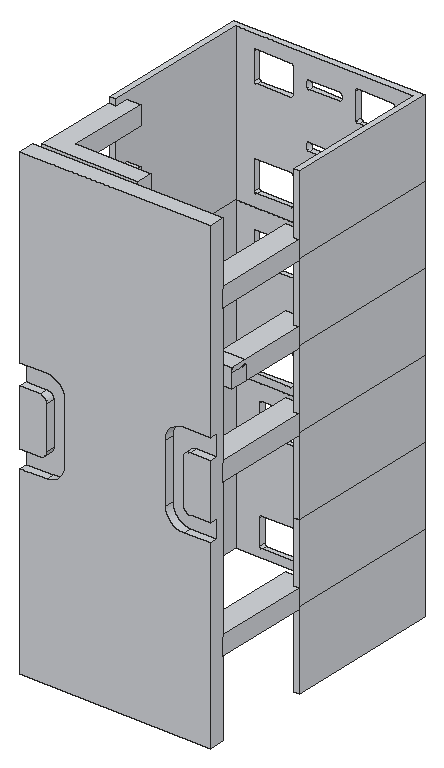
Revit family
Parameters
  Material ID = "760060285"
  Description = "VisiPatch® 360 12U Vertical Trough Cable Management Kit e/w door, 10 In."
Reference planes (in)
  plane 1 "Center (Front/Back)": y = 0
  plane 2: z = 0
  plane 3 "Center (Left/Right)": x = 0
Forms (in)
  Extrusion 1, void, not visible
    sketch origin (0, 0, 0) x (1, 0, 0) y (0, 0, 1)
      loop
        line (-7.85662, 0.48089) -> (-7.85662, -0.39002) -> (-7.67285, -0.39002) -> (-7.67285, -0.64002) -> (-7.0736, -0.64002) -> (-7.0736, -0.39002) -> (-6.92978, -0.39002) -> (-6.92978, 0.48089) -> (-7.85662, 0.48089)
    from -3.79215 to 12
  Extrusion 2, void, not visible
    sketch origin (0, 0, 0) x (1, 0, 0) y (0, 0, 1)
      loop
        line (-8.21397, 0.42583) -> (-8.21397, -0.07417) -> (-8.08657, -0.07417) -> (-8.08657, -0.27417) -> (-7.83657, -0.27417) -> (-7.83657, -0.07417) -> (-7.72497, -0.07417) -> (-7.72497, 0.42583) -> (-8.21397, 0.42583)
    from 0.74059 to 3.34334
  Extrusion 3, solid
    sketch origin (0, 0, 0) x (1, 0, 0) y (0, 0, 1)
      loop
        line (-4.265, 0) -> (-4.265, -3.5) -> (4.265, -3.5) -> (4.265, 0) -> (4.265, 3.5) -> (-4.265, 3.5) -> (-4.265, 0)
    from 0 to 7
  Extrusion 4, void
    sketch origin (0, 0, 0) x (1, 0, 0) y (0, 1, 0)
      loop
        line (4.015, -6.75) -> (4.015, -0.25) -> (-3.985, -0.25) -> (-3.985, -6.75) -> (4.015, -6.75)
    from -9.31168 to 12
  Extrusion 5, void
    sketch origin (0, 0, 0) x (1, 0, 0) y (0, 0, 1)
      loop
        line (3.0521, 2.81448) -> (1.50821, 2.81448)
        arc (1.50821, 2.81448) -> (1.4375, 2.78519) -> (1.40821, 2.71448) r 0.1
        line (1.40821, 2.71448) -> (1.40821, 1.56152)
        arc (1.40821, 1.56152) -> (1.4375, 1.49081) -> (1.50821, 1.46152) r 0.1
        line (1.50821, 1.46152) -> (3.05821, 1.46152)
        arc (3.05821, 1.46152) -> (3.12892, 1.49081) -> (3.15821, 1.56152) r 0.1
        line (3.15821, 1.56152) -> (3.15821, 2.70838)
        arc (3.15821, 2.70838) -> (3.12713, 2.7834) -> (3.0521, 2.81448) r 0.1061
      loop
        arc (-2.80821, 2.81448) -> (-2.87892, 2.78519) -> (-2.90821, 2.71448) r 0.1
        line (-2.90821, 2.71448) -> (-2.90821, 1.56152)
        arc (-2.90821, 1.56152) -> (-2.87892, 1.49081) -> (-2.80821, 1.46152) r 0.1
        line (-2.80821, 1.46152) -> (-1.25821, 1.46152)
        arc (-1.25821, 1.46152) -> (-1.1875, 1.49081) -> (-1.15821, 1.56152) r 0.1
        line (-1.15821, 1.56152) -> (-1.15821, 2.71448)
        arc (-1.15821, 2.71448) -> (-1.1875, 2.78519) -> (-1.25821, 2.81448) r 0.1
        line (-1.25821, 2.81448) -> (-2.80821, 2.81448)
      loop
        line (0.71044, -2.03848) -> (-0.53956, -2.03848)
        spline (-0.53956, -2.03848) -> (-0.56627, -2.047) -> (-0.59116, -2.07197) -> (-0.61253, -2.1117) -> (-0.62893, -2.16348) -> (-0.63924, -2.22377) -> (-0.64276, -2.28848) -> (-0.63924, -2.35318) -> (-0.62893, -2.41348) -> (-0.61253, -2.46525) -> (-0.59116, -2.50498) -> (-0.56627, -2.52996) -> (-0.53956, -2.53848)
        line (-0.53956, -2.53848) -> (0.71044, -2.53848)
        spline (0.71044, -2.53848) -> (0.73985, -2.52996) -> (0.76726, -2.50498) -> (0.7908, -2.46525) -> (0.80887, -2.41348) -> (0.82022, -2.35318) -> (0.82409, -2.28848) -> (0.82022, -2.22377) -> (0.80887, -2.16348) -> (0.7908, -2.1117) -> (0.76726, -2.07197) -> (0.73985, -2.047) -> (0.71044, -2.03848)
      loop
        line (3.0521, -1.78848) -> (1.50821, -1.78848)
        arc (1.50821, -1.78848) -> (1.4375, -1.81777) -> (1.40821, -1.88848) r 0.1
        line (1.40821, -1.88848) -> (1.40821, -3.04144)
        arc (1.40821, -3.04144) -> (1.4375, -3.11215) -> (1.50821, -3.14144) r 0.1
        line (1.50821, -3.14144) -> (3.05821, -3.14144)
        arc (3.05821, -3.14144) -> (3.12892, -3.11215) -> (3.15821, -3.04144) r 0.1
        line (3.15821, -3.04144) -> (3.15821, -1.89458)
        arc (3.15821, -1.89458) -> (3.12713, -1.81955) -> (3.0521, -1.78848) r 0.1061
      loop
        arc (-2.80821, -1.78848) -> (-2.87892, -1.81777) -> (-2.90821, -1.88848) r 0.1
        line (-2.90821, -1.88848) -> (-2.90821, -3.04144)
        arc (-2.90821, -3.04144) -> (-2.87892, -3.11215) -> (-2.80821, -3.14144) r 0.1
        line (-2.80821, -3.14144) -> (-1.25821, -3.14144)
        arc (-1.25821, -3.14144) -> (-1.1875, -3.11215) -> (-1.15821, -3.04144) r 0.1
        line (-1.15821, -3.04144) -> (-1.15821, -1.88848)
        arc (-1.15821, -1.88848) -> (-1.1875, -1.81777) -> (-1.25821, -1.78848) r 0.1
        line (-1.25821, -1.78848) -> (-2.80821, -1.78848)
      loop
        line (0.71044, 2.46152) -> (-0.53956, 2.46152)
        spline (-0.53956, 2.46152) -> (-0.56627, 2.453) -> (-0.59116, 2.42803) -> (-0.61253, 2.3883) -> (-0.62893, 2.33652) -> (-0.63924, 2.27623) -> (-0.64276, 2.21152) -> (-0.63924, 2.14682) -> (-0.62893, 2.08652) -> (-0.61253, 2.03475) -> (-0.59116, 1.99502) -> (-0.56627, 1.97004) -> (-0.53956, 1.96152)
        line (-0.53956, 1.96152) -> (0.71044, 1.96152)
        spline (0.71044, 1.96152) -> (0.73985, 1.97004) -> (0.76726, 1.99502) -> (0.7908, 2.03475) -> (0.80887, 2.08652) -> (0.82022, 2.14682) -> (0.82409, 2.21152) -> (0.82022, 2.27623) -> (0.80887, 2.33652) -> (0.7908, 2.3883) -> (0.76726, 2.42803) -> (0.73985, 2.453) -> (0.71044, 2.46152)
      loop
        line (0.71044, 0.21152) -> (-0.53956, 0.21152)
        spline (-0.53956, 0.21152) -> (-0.56627, 0.203) -> (-0.59116, 0.17803) -> (-0.61253, 0.1383) -> (-0.62893, 0.08652) -> (-0.63924, 0.02623) -> (-0.64276, -0.03848) -> (-0.63924, -0.10318) -> (-0.62893, -0.16348) -> (-0.61253, -0.21525) -> (-0.59116, -0.25498) -> (-0.56627, -0.27996) -> (-0.53956, -0.28848)
        line (-0.53956, -0.28848) -> (0.71044, -0.28848)
        spline (0.71044, -0.28848) -> (0.73985, -0.27996) -> (0.76726, -0.25498) -> (0.7908, -0.21525) -> (0.80887, -0.16348) -> (0.82022, -0.10318) -> (0.82409, -0.03848) -> (0.82022, 0.02623) -> (0.80887, 0.08652) -> (0.7908, 0.1383) -> (0.76726, 0.17803) -> (0.73985, 0.203) -> (0.71044, 0.21152)
    from 0 to 4.54227
  Extrusion 6, solid
    sketch origin (0, 0, 7) x (1, 0, 0) y (0, 0, 1)
      loop
        line (-4.265, 0) -> (-4.265, -3.5) -> (4.265, -3.5) -> (4.265, 0) -> (4.265, 3.5) -> (-4.265, 3.5) -> (-4.265, 0)
    from 0 to 7
  Extrusion 7, solid
    sketch origin (0, 0, 14) x (1, 0, 0) y (0, 0, 1)
      loop
        line (-4.265, 0) -> (-4.265, -3.5) -> (4.265, -3.5) -> (4.265, 0) -> (4.265, 3.5) -> (-4.265, 3.5) -> (-4.265, 0)
    from 0 to 7
  Extrusion 8, void
    sketch origin (0, 0, 0) x (1, 0, 0) y (0, 1, 0)
      loop
        line (-3.985, -0.25) -> (-3.985, -6.75) -> (4.015, -6.75) -> (4.015, -0.25) -> (-3.985, -0.25)
    from 0 to 12
  Extrusion 9, void
    sketch origin (0, 0, 0) x (1, 0, 0) y (0, 1, 0)
      loop
        line (-3.985, -6.75) -> (4.015, -6.75) -> (4.015, -0.25) -> (-3.985, -0.25) -> (-3.985, -6.75)
    from 0 to 20.38989
  Extrusion 10, void
    sketch origin (0, 0, 0) x (1, 0, 0) y (0, 0, 1)
      loop
        arc (3.05821, 15.46395) -> (3.12892, 15.49324) -> (3.15821, 15.56395) r 0.1
        line (3.15821, 15.56395) -> (3.15821, 16.775)
        arc (3.15821, 16.775) -> (3.12892, 16.84571) -> (3.05821, 16.875) r 0.1
        line (3.05821, 16.875) -> (1.50821, 16.875)
        arc (1.50821, 16.875) -> (1.4375, 16.84571) -> (1.40821, 16.775) r 0.1
        line (1.40821, 16.775) -> (1.40821, 15.56395)
        arc (1.40821, 15.56395) -> (1.4375, 15.49324) -> (1.50821, 15.46395) r 0.1
        line (1.50821, 15.46395) -> (3.05821, 15.46395)
      loop
        line (-3.05821, 15.46395) -> (-1.50821, 15.46395)
        arc (-1.50821, 15.46395) -> (-1.4375, 15.49324) -> (-1.40821, 15.56395) r 0.1
        line (-1.40821, 15.56395) -> (-1.40821, 16.775)
        arc (-1.40821, 16.775) -> (-1.4375, 16.84571) -> (-1.50821, 16.875) r 0.1
        line (-1.50821, 16.875) -> (-3.05821, 16.875)
        arc (-3.05821, 16.875) -> (-3.12892, 16.84571) -> (-3.15821, 16.775) r 0.1
        line (-3.15821, 16.775) -> (-3.15821, 15.56395)
        arc (-3.15821, 15.56395) -> (-3.12892, 15.49324) -> (-3.05821, 15.46395) r 0.1
      loop
        line (0.70821, 13.96395) -> (-0.70821, 13.96395)
        spline (-0.70821, 13.96395) -> (-0.73421, 13.95714) -> (-0.75844, 13.93716) -> (-0.77925, 13.90537) -> (-0.79521, 13.86395) -> (-0.80525, 13.81572) -> (-0.80867, 13.76395) -> (-0.80525, 13.71219) -> (-0.79521, 13.66395) -> (-0.77925, 13.62253) -> (-0.75844, 13.59075) -> (-0.73421, 13.57077) -> (-0.70821, 13.56395)
        line (-0.70821, 13.56395) -> (0.70821, 13.56395)
        spline (0.70821, 13.56395) -> (0.73387, 13.57077) -> (0.75778, 13.59075) -> (0.77832, 13.62253) -> (0.79408, 13.66395) -> (0.80398, 13.71219) -> (0.80736, 13.76395) -> (0.80398, 13.81572) -> (0.79408, 13.86395) -> (0.77832, 13.90537) -> (0.75778, 13.93716) -> (0.73387, 13.95714) -> (0.70821, 13.96395)
      loop
        line (0.70821, 16.46395) -> (-0.70821, 16.46395)
        spline (-0.70821, 16.46395) -> (-0.73421, 16.45714) -> (-0.75844, 16.43716) -> (-0.77925, 16.40537) -> (-0.79521, 16.36395) -> (-0.80525, 16.31572) -> (-0.80867, 16.26395) -> (-0.80525, 16.21219) -> (-0.79521, 16.16395) -> (-0.77925, 16.12253) -> (-0.75844, 16.09075) -> (-0.73421, 16.07077) -> (-0.70821, 16.06395)
        line (-0.70821, 16.06395) -> (0.70821, 16.06395)
        spline (0.70821, 16.06395) -> (0.73387, 16.07077) -> (0.75778, 16.09075) -> (0.77832, 16.12253) -> (0.79408, 16.16395) -> (0.80398, 16.21219) -> (0.80736, 16.26395) -> (0.80398, 16.31572) -> (0.79408, 16.36395) -> (0.77832, 16.40537) -> (0.75778, 16.43716) -> (0.73387, 16.45714) -> (0.70821, 16.46395)
      loop
        line (0.70821, 11.96395) -> (-0.70821, 11.96395)
        spline (-0.70821, 11.96395) -> (-0.73421, 11.95714) -> (-0.75844, 11.93716) -> (-0.77925, 11.90537) -> (-0.79521, 11.86395) -> (-0.80525, 11.81572) -> (-0.80867, 11.76395) -> (-0.80525, 11.71219) -> (-0.79521, 11.66395) -> (-0.77925, 11.62253) -> (-0.75844, 11.59075) -> (-0.73421, 11.57077) -> (-0.70821, 11.56395)
        line (-0.70821, 11.56395) -> (0.70821, 11.56395)
        spline (0.70821, 11.56395) -> (0.73387, 11.57077) -> (0.75778, 11.59075) -> (0.77832, 11.62253) -> (0.79408, 11.66395) -> (0.80398, 11.71219) -> (0.80736, 11.76395) -> (0.80398, 11.81572) -> (0.79408, 11.86395) -> (0.77832, 11.90537) -> (0.75778, 11.93716) -> (0.73387, 11.95714) -> (0.70821, 11.96395)
      loop
        arc (3.05821, 11.06395) -> (3.12892, 11.09324) -> (3.15821, 11.16395) r 0.1
        line (3.15821, 11.16395) -> (3.15821, 12.375)
        arc (3.15821, 12.375) -> (3.12892, 12.44571) -> (3.05821, 12.475) r 0.1
        line (3.05821, 12.475) -> (1.50821, 12.475)
        arc (1.50821, 12.475) -> (1.4375, 12.44571) -> (1.40821, 12.375) r 0.1
        line (1.40821, 12.375) -> (1.40821, 11.16395)
        arc (1.40821, 11.16395) -> (1.4375, 11.09324) -> (1.50821, 11.06395) r 0.1
        line (1.50821, 11.06395) -> (3.05821, 11.06395)
      loop
        line (-3.05821, 11.06395) -> (-1.50821, 11.06395)
        arc (-1.50821, 11.06395) -> (-1.4375, 11.09324) -> (-1.40821, 11.16395) r 0.1
        line (-1.40821, 11.16395) -> (-1.40821, 12.375)
        arc (-1.40821, 12.375) -> (-1.4375, 12.44571) -> (-1.50821, 12.475) r 0.1
        line (-1.50821, 12.475) -> (-3.05821, 12.475)
        arc (-3.05821, 12.475) -> (-3.12892, 12.44571) -> (-3.15821, 12.375) r 0.1
        line (-3.15821, 12.375) -> (-3.15821, 11.16395)
        arc (-3.15821, 11.16395) -> (-3.12892, 11.09324) -> (-3.05821, 11.06395) r 0.1
      loop
        arc (3.05821, 8.21395) -> (3.12892, 8.24324) -> (3.15821, 8.31395) r 0.1
        line (3.15821, 8.31395) -> (3.15821, 9.525)
        arc (3.15821, 9.525) -> (3.12892, 9.59571) -> (3.05821, 9.625) r 0.1
        line (3.05821, 9.625) -> (1.50821, 9.625)
        arc (1.50821, 9.625) -> (1.4375, 9.59571) -> (1.40821, 9.525) r 0.1
        line (1.40821, 9.525) -> (1.40821, 8.31395)
        arc (1.40821, 8.31395) -> (1.4375, 8.24324) -> (1.50821, 8.21395) r 0.1
        line (1.50821, 8.21395) -> (3.05821, 8.21395)
      loop
        line (-3.05821, 8.21395) -> (-1.50821, 8.21395)
        arc (-1.50821, 8.21395) -> (-1.4375, 8.24324) -> (-1.40821, 8.31395) r 0.1
        line (-1.40821, 8.31395) -> (-1.40821, 9.525)
        arc (-1.40821, 9.525) -> (-1.4375, 9.59571) -> (-1.50821, 9.625) r 0.1
        line (-1.50821, 9.625) -> (-3.05821, 9.625)
        arc (-3.05821, 9.625) -> (-3.12892, 9.59571) -> (-3.15821, 9.525) r 0.1
        line (-3.15821, 9.525) -> (-3.15821, 8.31395)
        arc (-3.15821, 8.31395) -> (-3.12892, 8.24324) -> (-3.05821, 8.21395) r 0.1
      loop
        line (0.70821, 6.71395) -> (-0.70821, 6.71395)
        spline (-0.70821, 6.71395) -> (-0.73421, 6.70714) -> (-0.75844, 6.68716) -> (-0.77925, 6.65537) -> (-0.79521, 6.61395) -> (-0.80525, 6.56572) -> (-0.80867, 6.51395) -> (-0.80525, 6.46219) -> (-0.79521, 6.41395) -> (-0.77925, 6.37253) -> (-0.75844, 6.34075) -> (-0.73421, 6.32077) -> (-0.70821, 6.31395)
        line (-0.70821, 6.31395) -> (0.70821, 6.31395)
        spline (0.70821, 6.31395) -> (0.73387, 6.32077) -> (0.75778, 6.34075) -> (0.77832, 6.37253) -> (0.79408, 6.41395) -> (0.80398, 6.46219) -> (0.80736, 6.51395) -> (0.80398, 6.56572) -> (0.79408, 6.61395) -> (0.77832, 6.65537) -> (0.75778, 6.68716) -> (0.73387, 6.70714) -> (0.70821, 6.71395)
      loop
        line (0.70821, 9.21395) -> (-0.70821, 9.21395)
        spline (-0.70821, 9.21395) -> (-0.73421, 9.20714) -> (-0.75844, 9.18716) -> (-0.77925, 9.15537) -> (-0.79521, 9.11395) -> (-0.80525, 9.06572) -> (-0.80867, 9.01395) -> (-0.80525, 8.96219) -> (-0.79521, 8.91395) -> (-0.77925, 8.87253) -> (-0.75844, 8.84075) -> (-0.73421, 8.82077) -> (-0.70821, 8.81395)
        line (-0.70821, 8.81395) -> (0.70821, 8.81395)
        spline (0.70821, 8.81395) -> (0.73387, 8.82077) -> (0.75778, 8.84075) -> (0.77832, 8.87253) -> (0.79408, 8.91395) -> (0.80398, 8.96219) -> (0.80736, 9.01395) -> (0.80398, 9.06572) -> (0.79408, 9.11395) -> (0.77832, 9.15537) -> (0.75778, 9.18716) -> (0.73387, 9.20714) -> (0.70821, 9.21395)
      loop
        line (0.70821, 4.71395) -> (-0.70821, 4.71395)
        spline (-0.70821, 4.71395) -> (-0.73421, 4.70714) -> (-0.75844, 4.68716) -> (-0.77925, 4.65537) -> (-0.79521, 4.61395) -> (-0.80525, 4.56572) -> (-0.80867, 4.51395) -> (-0.80525, 4.46219) -> (-0.79521, 4.41395) -> (-0.77925, 4.37253) -> (-0.75844, 4.34075) -> (-0.73421, 4.32077) -> (-0.70821, 4.31395)
        line (-0.70821, 4.31395) -> (0.70821, 4.31395)
        spline (0.70821, 4.31395) -> (0.73387, 4.32077) -> (0.75778, 4.34075) -> (0.77832, 4.37253) -> (0.79408, 4.41395) -> (0.80398, 4.46219) -> (0.80736, 4.51395) -> (0.80398, 4.56572) -> (0.79408, 4.61395) -> (0.77832, 4.65537) -> (0.75778, 4.68716) -> (0.73387, 4.70714) -> (0.70821, 4.71395)
      loop
        arc (3.05821, 3.81395) -> (3.12892, 3.84324) -> (3.15821, 3.91395) r 0.1
        line (3.15821, 3.91395) -> (3.15821, 5.125)
        arc (3.15821, 5.125) -> (3.12892, 5.19571) -> (3.05821, 5.225) r 0.1
        line (3.05821, 5.225) -> (1.50821, 5.225)
        arc (1.50821, 5.225) -> (1.4375, 5.19571) -> (1.40821, 5.125) r 0.1
        line (1.40821, 5.125) -> (1.40821, 3.91395)
        arc (1.40821, 3.91395) -> (1.4375, 3.84324) -> (1.50821, 3.81395) r 0.1
        line (1.50821, 3.81395) -> (3.05821, 3.81395)
      loop
        line (-3.05821, 3.81395) -> (-1.50821, 3.81395)
        arc (-1.50821, 3.81395) -> (-1.4375, 3.84324) -> (-1.40821, 3.91395) r 0.1
        line (-1.40821, 3.91395) -> (-1.40821, 5.125)
        arc (-1.40821, 5.125) -> (-1.4375, 5.19571) -> (-1.50821, 5.225) r 0.1
        line (-1.50821, 5.225) -> (-3.05821, 5.225)
        arc (-3.05821, 5.225) -> (-3.12892, 5.19571) -> (-3.15821, 5.125) r 0.1
        line (-3.15821, 5.125) -> (-3.15821, 3.91395)
        arc (-3.15821, 3.91395) -> (-3.12892, 3.84324) -> (-3.05821, 3.81395) r 0.1
    from 0 to 6.75
  Extrusion 11, void
    sketch origin (0, 0, 0) x (1, 0, 0) y (0, 0, 1)
      loop
        line (4.015, 20.38989) -> (-3.985, 20.38989) -> (-3.985, -5.771) -> (4.015, -5.771) -> (4.015, 20.38989)
    from 6.75 to 12
  Extrusion 12, solid
    sketch origin (0, 0, 14) x (0, 1, 0) y (0, 0, 1)
      loop
        line (-6.4, -0.09944) -> (-6.4, 0.75056) -> (-11.281, 0.75056) -> (-11.281, -0.09944) -> (-6.4, -0.09944)
    from -4.265 to -3.33306
  Extrusion 13, solid
    sketch origin (0, 0, 7) x (0, 1, 0) y (0, 0, 1)
      loop
        line (-6.4, -0.09944) -> (-6.4, 0.75056) -> (-11.281, 0.75056) -> (-11.281, -0.09944) -> (-6.4, -0.09944)
    from -4.265 to 4.265
  Extrusion 14, solid
    sketch origin (0, 0, 0) x (0, 1, 0) y (0, 0, 1)
      loop
        line (-6.4, -0.09944) -> (-6.4, 0.75056) -> (-11.281, 0.75056) -> (-11.281, -0.09944) -> (-6.4, -0.09944)
    from -4.265 to 4.265
  Extrusion 15, void
    sketch origin (0, 0, 0) x (1, 0, 0) y (0, 1, 0)
      loop
        line (-3.33306, -6.4) -> (-3.33306, -12.198) -> (3.16694, -12.198) -> (3.16694, -6.4) -> (-3.33306, -6.4)
    from -4.62913 to 21.50244
  Extrusion 16, solid
    sketch origin (0, 0, 14) x (0, 1, 0) y (0, 0, 1)
      loop
        line (-6.4, -0.09944) -> (-6.4, 0.75056) -> (-11.281, 0.75056) -> (-11.281, -0.09944) -> (-6.4, -0.09944)
    from 3.15821 to 4.265
  Extrusion 17, solid
    sketch origin (0, 0, 16.5) x (0, 1, 0) y (0, 0, 1)
      loop
        line (-6.4, -0.09944) -> (-6.4, 0.75056) -> (-10.78184, 0.75056) -> (-10.78184, -0.09944) -> (-6.4, -0.09944)
    from -4.265 to -3.33306
  Extrusion 18, solid
    sketch origin (0, 0, 0) x (1, 0, 0) y (0, 1, 0)
      loop
        line (-4.265, -10.78184) -> (0.015, -10.78184) -> (0.015, -10.03184) -> (-4.265, -10.03184) -> (-4.265, -10.78184)
    from 16.40056 to 17.25056
  Extrusion 19, solid
    sketch origin (0, 0, 10.5) x (0, 1, 0) y (0, 0, 1)
      loop
        line (-6.4, -0.09944) -> (-6.4, 0.75056) -> (-10.78184, 0.75056) -> (-10.78184, -0.09944) -> (-6.4, -0.09944)
    from 3.15821 to 4.265
  Extrusion 20, solid
    sketch origin (0, 0, 0) x (1, 0, 0) y (0, 1, 0)
      loop
        line (4.265, -10.78184) -> (4.265, -10.03184) -> (0.015, -10.03184) -> (0.015, -10.78184) -> (4.265, -10.78184)
    from 10.40056 to 11.25056
  Extrusion 21, solid
    sketch origin (0, 0, 3.5) x (0, 1, 0) y (0, 0, 1)
      loop
        line (-6.4, -0.09944) -> (-6.4, 0.75056) -> (-10.78184, 0.75056) -> (-10.78184, -0.09944) -> (-6.4, -0.09944)
    from -4.265 to -3.33306
  Extrusion 22, solid
    sketch origin (0, 0, 0) x (1, 0, 0) y (0, 1, 0)
      loop
        line (0.015, -10.03184) -> (-4.265, -10.03184) -> (-4.265, -10.78184) -> (0.015, -10.78184) -> (0.015, -10.03184)
    from 3.40056 to 4.25056
  Extrusion 23, solid
    sketch origin (0, 0, 0) x (1, 0, 0) y (0, 0, 1)
      loop
        line (-4.265, 17.5) -> (-4.265, -3.5) -> (4.265, -3.5) -> (4.265, 17.5) -> (-4.265, 17.5)
    from 11.281 to 12
  Extrusion 24, void
    sketch origin (0, 0, 0) x (1, 0, 0) y (0, 0, 1)
      loop
        line (-4.265, 9.00056) -> (-4.265, 8.06684) -> (-3.365, 8.06684)
        arc (-3.365, 8.06684) -> (-3.15287, 7.97898) -> (-3.065, 7.76684) r 0.3
        line (-3.065, 7.76684) -> (-3.065, 5.85056)
        arc (-3.065, 5.85056) -> (-3.15287, 5.63843) -> (-3.365, 5.55056) r 0.3
        line (-3.365, 5.55056) -> (-4.265, 5.55056) -> (-4.265, 4.75056) -> (-3.065, 4.75056)
        arc (-3.065, 4.75056) -> (-2.49931, 4.98488) -> (-2.265, 5.55056) r 0.8
        line (-2.265, 5.55056) -> (-2.265, 8.20056)
        arc (-2.265, 8.20056) -> (-2.49931, 8.76625) -> (-3.065, 9.00056) r 0.8
        line (-3.065, 9.00056) -> (-4.265, 9.00056)
      loop
        line (4.265, 9.00056) -> (3.065, 9.00056)
        arc (3.065, 9.00056) -> (2.49931, 8.76625) -> (2.265, 8.20056) r 0.8
        line (2.265, 8.20056) -> (2.265, 5.55056)
        arc (2.265, 5.55056) -> (2.49931, 4.98488) -> (3.065, 4.75056) r 0.8
        line (3.065, 4.75056) -> (4.265, 4.75056) -> (4.265, 5.55056) -> (3.365, 5.55056)
        arc (3.365, 5.55056) -> (3.15287, 5.63843) -> (3.065, 5.85056) r 0.3
        line (3.065, 5.85056) -> (3.065, 7.76684)
        arc (3.065, 7.76684) -> (3.15287, 7.97898) -> (3.365, 8.06684) r 0.3
        line (3.365, 8.06684) -> (4.265, 8.06684) -> (4.265, 9.00056)
    from 13.02602 to 11.62602
Cuts and joins
  Extrusion 4, Extrusion 5, Extrusion 8, Extrusion 9, Extrusion 11 cuts Extrusion 3
  Extrusion 8, Extrusion 9, Extrusion 10, Extrusion 11, Extrusion 24 cuts Extrusion 6
  Extrusion 8, Extrusion 9, Extrusion 10, Extrusion 11 cuts Extrusion 7
  Extrusion 15, Extrusion 24 cuts Extrusion 13
  Extrusion 15 cuts Extrusion 14
  joined: Extrusion 17, Extrusion 18
  Extrusion 24 cuts Extrusion 23
